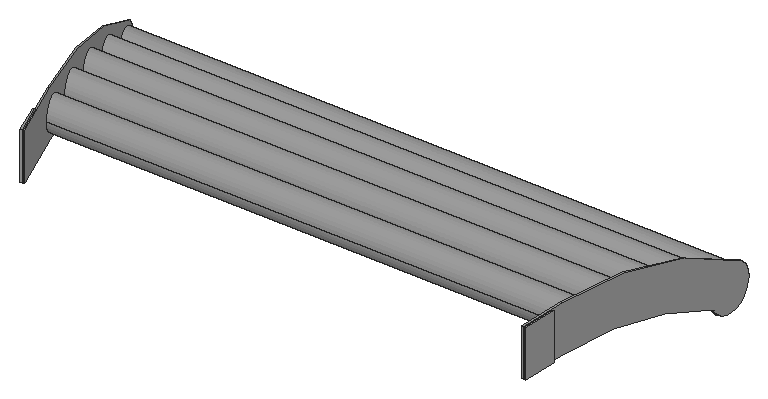
Revit family "SE-0005-RAD-3-0", category Curtain Panels, Revit 2015
Parameters (values of type "Right 112.5 - Left 90")
  Width [instance] = 5' - 4 1/2"
  Warning 2' = Label : Label
  URL = "obe.com"
  Sun-Control Material = Aluminum
  Model = "SE-001"
  Manufacturer = "Oldcastle BuildingEnvelope®"
  Keynote = "08 11 00"
  Description = "SE-001-SolarEclipse-Rectangle"
  Assembly Code = "B2020"
  Angle = SE-0005-RAD-3-0 : Right 112.5 - Left 90
  Analytic Construction = "<None>"
Types (25): name | Angle
  Right 90 - Left 112.5 | SE-0005-RAD-3-0 : Right 90 - Left 112.5
  Right 90 - Left 135 | SE-0005-RAD-3-0 : Right 90 - Left 135
  Right 112.5 - Left 90 | SE-0005-RAD-3-0 : Right 112.5 - Left 90
  Right 112.5 - Left 112.5 | SE-0005-RAD-3-0 : Right 112.5 - Left 112.5
  Right 112.5 - Left 135 | SE-0005-RAD-3-0 : Right 112.5 - Left 135
  Right 135 - Left 90 | SE-0005-RAD-3-0 : Right 135 - Left 90
  Right 135 - Left 112.5 | SE-0005-RAD-3-0 : Right 135 - Left 112.5
  Right 135 - Left 135 | SE-0005-RAD-3-0 : Right 135 - Left 135
  Right 45 - Left 45 | SE-0005-RAD-3-0 : Right 45 - Left 45
  Right 45 - Left 67.5 | SE-0005-RAD-3-0 : Right 45 - Left 67.5
  Right 45 - Left 90 | SE-0005-RAD-3-0 : Right 45 - Left 90
  Right 67.5 - Left 45 | SE-0005-RAD-3-0 : Right 67.5 - Left 45
  Right 67.5 - Left 67.5 | SE-0005-RAD-3-0 : Right 67.5 - Left 67.5
  Right 67.5 - Left 90 | SE-0005-RAD-3-0 : Right 67.5 - Left 90
  Right 90 - Left 45 | SE-0005-RAD-3-0 : Right 90 - Left 45
  Right 90 - Left 67.5 | SE-0005-RAD-3-0 : Right 90 - Left 67.5
  Right 45 - Left 112.5 | SE-0005-RAD-3-0 : Right 45 - Left 112.5
  Right 45 - Left 135 | SE-0005-RAD-3-0 : Right 45 - Left 135
  Right 67.5 - Left 112.5 | SE-0005-RAD-3-0 : Right 67.5 - Left 112.5
  Right 67.5 - Left 135 | SE-0005-RAD-3-0 : Right 67.5 - Left 135
  Right 112.5 - Left 45 | SE-0005-RAD-3-0 : Right 112.5 - Left 45
  Right 112.5 - Left 67.5 | SE-0005-RAD-3-0 : Right 112.5 - Left 67.5
  Right 135 - Left 45 | SE-0005-RAD-3-0 : Right 135 - Left 45
  Right 135 - Left 67.5 | SE-0005-RAD-3-0 : Right 135 - Left 67.5
  Right 90 - Left 90 | SE-0005-RAD-3-0 : Right 90 - Left 90
Reference planes (in)
  plane 1 "Front": y = 0
  plane 2: z = 0
  plane 3 "Center (Left/Right)": x = 0
  plane 4 "Left": x = -32.25
  plane 5 "Right": x = 32.25
  plane 6 "Top": z = 96
Text (in)
  text "Exterior" at (-62.24218, 42.22643, 0), in view "Ref. Level"
  text "Exterior" at (480, 41.53993, 89.60405), in view "Right"
  text "Exterior" at (-240, 57.82419, 105.78864), in view "Left"
Dimensions and locks (in)
  equal spacing: plane 4 "Left", plane 3 "Center (Left/Right)", plane 5 "Right"
  "Width": plane 4 "Left" to plane 5 "Right"
  aligned and locked: level to plane 2
  aligned and locked: plane 1 "Front" to nested 1
  aligned and locked: nested 1 to plane 3 "Center (Left/Right)"
  aligned and locked: nested 1 to plane 6 "Top"
Nested families (in)
  nested 1: "SE-0005-RAD-3-0" at (22, 0, 93), Width <- "Width", type <- "Angle", Sun-Control Material <- "Sun-Control Material", type "Right 112.5 - Left 90"
    with Width 5' - 4 1/2", Sun-Control Material Aluminum, Minimum Width 5' - 4 1/2"
Definition of nested family "SE-0005-RAD-3-0"
  Parameters (values of type "Right 67.5 - Left 67.5")
    Left Short Depth = Left Depth - 0' 3"  # 3' - 0 5/256"
    Left Angle = 67.50°
    Minimum Width [instance] = if(and(Left Angle = 45.00°, Right Angle = 90.00°, Width < 3' 2"), 3' 2", if(and(Left Angle = 90.00°, Right Angle = 45.00°, Width < 3' 2"), 3' 2", if(and(Left Angle = 45.00°, Right Angle = 112.50°, Width < 1' 11"), 1' 11", if(and(Left Angle = 112.50°, Right Angle = 45.00°, Width < 1' 11"), 1' 11", if(and(Left Angle = 45.00°, Right Angle = 45.00°, Width < 6' 2"), 6' 2", if(and(Left Angle = 90.00°, Right Angle = 67.50°, Width < 1' 5"), 1' 5", if(and(Left Angle = 67.50°, Right Angle = 90.00°, Width < 1' 5"), 1' 5", if(and(Left Angle = 67.50°, Right Angle = 67.50°, Width < 2' 8"), 2' 8", if(and(Left Angle = 45.00°, Right Angle = 67.50°, Width < 4' 5"), 4' 5", if(and(Left Angle = 67.50°, Right Angle = 45.00°, Width < 4' 5"), 4' 5", Width))))))))))  # 5' - 0"
    Width [instance] = 5' - 0"
    Sun-Control Material [instance] = none
    Right Short Depth = Right Depth - 0' 3"  # 3' - 0 5/256"
    Right Depth = 3' - 3 5/256"
    Left Depth = 3' - 3 5/256"
    Right Angle = 67.50°
    Default Elevation = 4' - 0"
  Types (26): name | Left Short Depth | Left Angle | Minimum Width | Width | Right Short Depth | Right Depth | Left Depth | Right Angle
    (no name) | 3' - 0 5/256" | 67.50° | 5' - 0" | 5' - 0" | 3' - 0 5/256" | 3' - 3 5/256" | 3' - 3 5/256" | 67.50°
    Right 45 - Left 45 | 4' - 0 9/256" | 45.00° | 8' - 0" | 8' - 0" | 4' - 0 9/256" | 4' - 3 9/256" | 4' - 3 9/256" | 45.00°
    Right 45 - Left 67.5 | 3' - 0 5/256" | 67.50° | 8' - 0" | 8' - 0" | 4' - 0 9/256" | 4' - 3 9/256" | 3' - 3 5/256" | 45.00°
    Right 45 - Left 90 | 2' - 9" | 90.00° | 8' - 0" | 8' - 0" | 4' - 0 9/256" | 4' - 3 9/256" | 3' - 0" | 45.00°
    Right 45 - Left 112.5 | 2' - 11 13/16" | 112.50° | 8' - 0" | 8' - 0" | 4' - 0 9/256" | 4' - 3 9/256" | 3' - 2 13/16" | 45.00°
    Right 45 - Left 135 | 3' - 11 137/256" | 135.00° | 8' - 0" | 8' - 0" | 4' - 0 9/256" | 4' - 3 9/256" | 4' - 2 137/256" | 45.00°
    Right 67.5 - Left 45 | 4' - 0 9/256" | 45.00° | 8' - 0" | 8' - 0" | 3' - 0 5/256" | 3' - 3 5/256" | 4' - 3 9/256" | 67.50°
    Right 67.5 - Left 67.5 | 3' - 0 5/256" | 67.50° | 5' - 0" | 5' - 0" | 3' - 0 5/256" | 3' - 3 5/256" | 3' - 3 5/256" | 67.50°
    Right 67.5 - Left 90 | 2' - 9" | 90.00° | 8' - 0" | 8' - 0" | 3' - 0 5/256" | 3' - 3 5/256" | 3' - 0" | 67.50°
    Right 67.5 - Left 112.5 | 2' - 11 13/16" | 112.50° | 8' - 0" | 8' - 0" | 3' - 0 5/256" | 3' - 3 5/256" | 3' - 2 13/16" | 67.50°
    Right 67.5 - Left 135 | 3' - 11 137/256" | 135.00° | 8' - 0" | 8' - 0" | 3' - 0 5/256" | 3' - 3 5/256" | 4' - 2 137/256" | 67.50°
    Right 90 - Left 45 | 4' - 0 9/256" | 45.00° | 8' - 0" | 8' - 0" | 2' - 9" | 3' - 0" | 4' - 3 9/256" | 90.00°
    Right 90 - Left 67.5 | 3' - 0 5/256" | 67.50° | 8' - 0" | 8' - 0" | 2' - 9" | 3' - 0" | 3' - 3 5/256" | 90.00°
    Right 90 - Left 90 | 2' - 9" | 90.00° | 8' - 0" | 8' - 0" | 2' - 9" | 3' - 0" | 3' - 0" | 90.00°
    Right 90 - Left 112.5 | 2' - 11 13/16" | 112.50° | 8' - 0" | 8' - 0" | 2' - 9" | 3' - 0" | 3' - 2 13/16" | 90.00°
    Right 90 - Left 135 | 3' - 11 137/256" | 135.00° | 8' - 0" | 8' - 0" | 2' - 9" | 3' - 0" | 4' - 2 137/256" | 90.00°
    Right 112.5 - Left 45 | 4' - 0 9/256" | 45.00° | 1' - 11" | 1' - 0" | 2' - 11 13/16" | 3' - 2 13/16" | 4' - 3 9/256" | 112.50°
    Right 112.5 - Left 67.5 | 3' - 0 5/256" | 67.50° | 8' - 0" | 8' - 0" | 2' - 11 13/16" | 3' - 2 13/16" | 3' - 3 5/256" | 112.50°
    Right 112.5 - Left 90 | 2' - 9" | 90.00° | 1' - 0" | 1' - 0" | 2' - 11 13/16" | 3' - 2 13/16" | 3' - 0" | 112.50°
    Right 112.5 - Left 112.5 | 2' - 11 13/16" | 112.50° | 8' - 0" | 8' - 0" | 2' - 11 13/16" | 3' - 2 13/16" | 3' - 2 13/16" | 112.50°
    Right 112.5 - Left 135 | 3' - 11 137/256" | 135.00° | 8' - 0" | 8' - 0" | 2' - 11 13/16" | 3' - 2 13/16" | 4' - 2 137/256" | 112.50°
    Right 135 - Left 45 | 4' - 0 9/256" | 45.00° | 8' - 0" | 8' - 0" | 3' - 11 137/256" | 4' - 2 137/256" | 4' - 3 9/256" | 135.00°
    Right 135 - Left 67.5 | 3' - 0 5/256" | 67.50° | 8' - 0" | 8' - 0" | 3' - 11 137/256" | 4' - 2 137/256" | 3' - 3 5/256" | 135.00°
    Right 135 - Left 90 | 2' - 9" | 90.00° | 8' - 0" | 8' - 0" | 3' - 11 137/256" | 4' - 2 137/256" | 3' - 0" | 135.00°
    Right 135 - Left 112.5 | 2' - 11 13/16" | 112.50° | 8' - 0" | 8' - 0" | 3' - 11 137/256" | 4' - 2 137/256" | 3' - 2 13/16" | 135.00°
    Right 135 - Left 135 | 3' - 11 137/256" | 135.00° | 8' - 0" | 8' - 0" | 3' - 11 137/256" | 4' - 2 137/256" | 4' - 2 137/256" | 135.00°
  Reference planes (in)
    plane 1 "Center (Front/Back)": y = 0
    plane 2: z = 0
    plane 3: y = 33
    plane 4: y = 36
    plane 5: y = 20.99961
    plane 6: y = 8.99961
    plane 7: z = 2.5
    plane 8: z = -2.5
    plane 9: x = 8
    plane 10: x = -52
    plane 11: y = 14.99961
    plane 12: y = 27.01421
    plane 13: z = 3
    plane 14: x = -22
    plane 15: z = -7.00897
    plane 16: z = -3.8847
    plane 17: z = -1.92401
    plane 18: z = -0.65644
    plane 19: z = -0.04383
  Forms (in)
    Sweep 1, solid, material <- "Sun-Control Material"
      path origin (-24.94968, 19.033, -1.92401) x (-1, 0, 0) y (0, -1, 0)
        loop
          line (20.352, -1.9666) -> (-26.25136, -1.9666)
      profile origin (-22, 20.99961, -1.92401) x (0, 1, 0) y (0, 0, 1)
        loop
          circle (0, 0) r 2
    Sweep 2, solid, material <- "Sun-Control Material"
      path origin (-24.94968, 6.99961, -0.04383) x (-1, 0, 0) y (0, -1, 0)
        loop
          line (25.32256, -2) -> (-31.22192, -2)
      profile origin (-22, 8.99961, -0.04383) x (0, 1, 0) y (0, 0, 1)
        loop
          circle (0, 0) r 2
    Extrusion 3, void
      sketch origin (-52, 0, 0) x (-0.382683, -0.92388, 0) y (0, 0, 1)
        loop
          line (0.24272, 3.30555) -> (-79.2222, 3.30555) -> (-79.2222, -10.51113) -> (0.24272, -10.51113) -> (0.24272, 3.30555)
      from -0.375 to 40.64702
    Extrusion 4, void
      sketch origin (-11.7082, 47.5798, 0) x (-0.382683, 0.92388, 0) y (0, 0, 1)
        loop
          line (-53.5, 3.30555) -> (-53.5, -10.51113) -> (38.01531, -10.51113) -> (38.01531, 3.30555) -> (-53.5, 3.30555)
      from -0.375 to 37.309
    Sweep 5, solid, material <- "Sun-Control Material"
      path origin (-24.94968, 13.02699, -0.65644) x (-1, 0, 0) y (0, -1, 0)
        loop
          line (22.83728, -1.97261) -> (-28.73664, -1.97261)
      profile origin (-22, 14.99961, -0.65644) x (0, 1, 0) y (0, 0, 1)
        loop
          circle (0, 0) r 2
    Sweep 6, solid, material <- "Sun-Control Material"
      path origin (-24.94968, 25.01421, -3.8847) x (-1, 0, 0) y (0, -1, 0)
        loop
          line (17.86067, -2) -> (-23.76003, -2)
      profile origin (-22, 27.01421, -3.8847) x (0, 1, 0) y (0, 0, 1)
        loop
          circle (0, 0) r 2
    Sweep 7, solid, material <- "Sun-Control Material"
      path origin (-24.94968, 30.5, -7.00897) x (-1, 0, 0) y (0, -1, 0)
        loop
          line (15.38127, -2.5) -> (-21.28063, -2.5)
      profile origin (-22, 33, -7.00897) x (0, 1, 0) y (0, 0, 1)
        loop
          circle (0, 0) r 2.5
  Cuts and joins
    Extrusion 3, Extrusion 4 cuts Sweep 2
    Extrusion 3, Extrusion 4 cuts Sweep 1
    Extrusion 3, Extrusion 4 cuts Sweep 5
    Extrusion 3, Extrusion 4 cuts Sweep 6
    Extrusion 3, Extrusion 4 cuts Sweep 7
  Lines and regions (in)
    model lines, not visible
      curve 1: line (-18.34586, 33, -38.4375) -> (-18.34586, 33, -38.5)
    reference lines
      curve 2: line (-52, 0, 0) -> (-32.2918, 47.5798, 0)
      curve 3: line (-39.45803, 35.10742, 0) -> (-54, 0, 0)
      curve 4: line (-11.7082, 47.5798, 0) -> (8, 0, 0)
      curve 5: line (-10.66491, 49.88949, 0) -> (10, 0, 0)
      curve 6: line (-3.18965, 27.01421, 0) -> (-3.18965, 28.51421, 0)
      curve 7: line (-0.69832, 20.99961, 0) -> (-0.69832, 23.49961, 0)
      curve 8: line (1.78696, 14.99961, 0) -> (1.78696, 17.99961, 0)
      curve 9: line (4.27224, 8.99961, 0) -> (4.27224, 11.49961, 0)
      curve 10: line (-48.27224, 8.99961, 0) -> (-48.27224, 11.49961, 0)
      curve 11: line (-45.78696, 14.99961, 0) -> (-45.78696, 17.49961, 0)
      curve 12: line (-43.30168, 20.99961, 0) -> (-43.30168, 23.61322, 0)
      curve 13: line (-40.81035, 27.01421, 0) -> (-40.81035, 31.5, 0)
      curve 14: line (-5.66905, 33, 0) -> (-5.66905, 35.5, 0)
      curve 15: line (-38.33095, 33, 0) -> (-38.33095, 35.5, 0)
  Dimensions and locks (in)
    equal spacing: plane 7, plane 2, plane 8
    plane 4 to plane 1 "Center (Front/Back)" = 3' - 0"
    "Minimum Width": plane 10 to plane 9
    locked: nested 1 to plane 1 "Center (Front/Back)" at 0
    locked: nested 1 to plane 10 at 0
    locked: curve 2 to plane 10
    locked: plane 1 "Center (Front/Back)" to curve 2 at 0
    locked: curve 3 to plane 10 at 2
    locked: plane 1 "Center (Front/Back)" to curve 3 at 0
    locked: nested 2 to plane 1 "Center (Front/Back)" at 0
    locked: nested 2 to plane 9 at 0
    locked: plane 1 "Center (Front/Back)" to curve 4 at 0
    locked: plane 1 "Center (Front/Back)" to curve 5
    locked: plane 9 to curve 5 at 2
    locked: curve 4 to plane 9
    plane 3 to plane 12 = 0' - 5.98579"  (x2)
    plane 5 to plane 11 = 0' - 6"  (x2)
    plane 11 to plane 6 = 0' - 6"  (x2)
    plane 12 to plane 5 = 0' - 6.0146"  (x2)
    equal spacing: plane 10, plane 14, plane 9
    "Right Angle": angle plane 1 "Center (Front/Back)" to nested 1
    "Right Angle": angle plane 1 "Center (Front/Back)" to curve 2
    "Right Angle": angle plane 1 "Center (Front/Back)" to curve 3
    "Left Angle": angle curve 5 to plane 1 "Center (Front/Back)"
    "Left Angle": angle nested 2 to plane 1 "Center (Front/Back)"
    "Left Angle": angle curve 4 to plane 1 "Center (Front/Back)"
    aligned and locked: level to plane 2
    aligned and locked: Sweep 1 sketch curve to plane 5
    aligned and locked: Sweep 2 sketch curve to plane 6
    aligned and locked: curve 3 to Sweep 2 sketch curve
    aligned and locked: curve 3 to Sweep 1 sketch curve
    aligned and locked: curve 5 to Sweep 1 sketch curve
    aligned and locked: curve 5 to Sweep 5 sketch curve
    aligned and locked: curve 3 to Sweep 5 sketch curve
    aligned and locked: curve 5 to Sweep 2 sketch curve
    aligned and locked: Sweep 6 sketch curve to plane 12
    aligned and locked: curve 3 to Sweep 6 sketch curve
    aligned and locked: curve 5 to Sweep 6 sketch curve
    aligned and locked: curve 5 to Sweep 7 sketch curve
    aligned and locked: curve 3 to Sweep 7 sketch curve
    aligned and locked: nested 3 to curve 14
    aligned and locked: nested 3 to curve 15
    aligned and locked: nested 4 to curve 13
    aligned and locked: nested 4 to curve 6
    aligned and locked: nested 5 to curve 12
    aligned and locked: nested 5 to curve 7
    aligned and locked: nested 6 to curve 11
    aligned and locked: nested 6 to curve 8
    aligned and locked: nested 7 to curve 10
    aligned and locked: nested 7 to curve 9
    aligned and locked: nested 3 to plane 15
    aligned and locked: nested 3 to plane 3
    aligned and locked: nested 4 to plane 16
    aligned and locked: nested 4 to plane 12
    aligned and locked: nested 5 to plane 17
    aligned and locked: nested 5 to plane 5
    aligned and locked: nested 6 to plane 18
    aligned and locked: nested 6 to plane 11
    aligned and locked: nested 7 to plane 6
    aligned and locked: nested 7 to plane 19
    aligned and locked: Sweep 7 sketch curve to plane 3
    aligned and locked: Sweep 5 sketch curve to plane 11
  Automatic sketch dimensions
    curve 1 to plane 3 = 0' - 0"
    curve 1 to plane 8 = 3' - 0"
    curve 1 to curve 1 = 0' - 0 1/16"
    curve 2 to Extrusion 3 sketch curve = 0' - 3.30555"
    Extrusion 3 sketch curve to curve 2 = 2' - 3.7222"
    curve 2 to Extrusion 3 sketch curve = 0' - 0.24272"
    Extrusion 3 sketch curve to curve 2 = 0' - 10.51113"
    Extrusion 4 sketch curve to curve 4 = 0' - 2"
    Extrusion 4 sketch curve to curve 4 = 0' - 10.51113"
    curve 4 to Extrusion 4 sketch curve = 3' - 2.01531"
    curve 4 to Extrusion 4 sketch curve = 0' - 3.30555"
    Sweep 7 sketch curve to profile plane = 0' - 0"  (x2)
    Sweep 6 sketch curve to profile plane = 0' - 0"  (x2)
    Sweep 1 sketch curve to profile plane = 0' - 0"  (x2)
    Sweep 5 sketch curve to profile plane = 0' - 0"  (x2)
    Sweep 2 sketch curve to profile plane = 0' - 0"  (x2)
    curve 10 to plane 6 = 0' - 0"
    curve 11 to plane 11 = 0' - 0"
    curve 12 to plane 5 = 0' - 0"
    curve 13 to plane 12 = 0' - 0"
    curve 15 to plane 3 = 0' - 0"
    curve 14 to plane 3 = 0' - 0"
    curve 6 to plane 12 = 0' - 0"
    curve 7 to plane 5 = 0' - 0"
    curve 8 to plane 11 = 0' - 0"
    curve 9 to plane 6 = 0' - 0"
    plane 6 to curve 10 = 0' - 2 1/2"
    plane 6 to curve 9 = 0' - 2 1/2"
    plane 11 to curve 11 = 0' - 2 1/2"
    curve 8 to curve 8 = 0' - 3"
    plane 5 to curve 7 = 0' - 2 1/2"
    plane 5 to curve 12 = 0' - 2.61361"
    plane 12 to curve 6 = 0' - 1 1/2"
    curve 13 to plane 3 = 0' - 1 1/2"
    curve 14 to plane 4 = 0' - 0 1/2"
    curve 15 to plane 4 = 0' - 0 1/2"
    radius of Sweep 7 sketch curve = 0' - 2 1/2"
    radius of Sweep 6 sketch curve = 0' - 2"
    radius of Sweep 1 sketch curve = 0' - 2"
    radius of Sweep 5 sketch curve = 0' - 2"
    radius of Sweep 2 sketch curve = 0' - 2"
  Nested families (in)
    nested 1: "Plate_Right_3-0" at (-52, 0, 0) x (0.9239, -0.3827, 0) z (0, 0, 1), Length <- "Right Short Depth", type "Plate_Right_3-0"
      with Length 3' - 0 5/256"
    nested 2: "Plate_Left_3-0" at (8, 0, 0) x (-0.9239, -0.3827, 0) z (0, 0, 1), Length <- "Left Short Depth", type "Plate_Left_3-0"
      with Length 3' - 0 5/256"
    nested 3: "SS-105-3D" at (-38.33095, 33, -7.00897), type "SS-105-3D", detail levels fine
      with Lenght 2' - 8.6619"
    nested 4: "SS-104-3D" at (-40.81035, 27.01421, -3.8847), type "SS-104-3D", detail levels fine
      with Lenght 3' - 1.6207"
    nested 5: "SS-104-3D" at (-43.30168, 20.99961, -1.92401), type "SS-104-3D", detail levels fine
      with Lenght 3' - 6.60336"
    nested 6: "SS-104-3D" at (-45.78696, 14.99961, -0.65644), type "SS-104-3D", detail levels fine
      with Lenght 3' - 11.57392"
    nested 7: "SS-104-3D" at (-48.27224, 8.99961, -0.04383), type "SS-104-3D", detail levels fine
      with Lenght 4' - 4.54448"
  Definition of nested family "Plate_Right_3-0"
    Parameters (values of type "Plate_Right_3-0")
      Sun-Control Material = none
      Length [instance] = 2' - 9"
    Reference planes (in)
      plane 1 "Center (Front/Back)": y = 0
      plane 2: z = 0
      plane 3 "Center (Left/Right)": x = 0
    Forms (in)
      Sweep 1, solid, material <- "Sun-Control Material"
        path origin (24.49846, 19.13417, 0) x (-1, 0, 0) y (0, 1, 0)
          loop
            line (24.37346, -19.13417) -> (24.62346, -19.13417)
        profile origin (0, 0, 0) x (0, -1, 0) y (0, 0, 1)
          loop
            line (0, 3) -> (-4.5, 3) -> (-4.5, -3) -> (0, -3) -> (0, 0) -> (0, 3)
      Sweep 2, solid, material <- "Sun-Control Material"
        path origin (13.88949, 16.0727, 0) x (0.92388, -0.382683, 0) y (0.382683, 0.92388, 0)
          loop
            line (-6.33501, -20.02102) -> (-6.56598, -20.11669)
        profile origin (0.25, 0, 0) x (0, -1, 0) y (0, 0, 1)
          loop
            arc (-34.95529, -4.7337) -> (-34.82524, -9.38983) -> (-30.29506, -8.30638) r 3
            arc (-30.29506, -8.30638) -> (-18.5566, -4.34235) -> (-6.23983, -3) r 57.17753
            line (-6.23983, -3) -> (0, -3) -> (0, 3) -> (-6.23983, 3)
            arc (-6.23983, 3) -> (-21.10916, 1.03273) -> (-34.95529, -4.7337) r 57.17753
    Lines and regions (in)
      model lines, not visible
        curve 1: line (0, 0, 0) -> (0, 1.75, 0)
    Dimensions and locks (in)
      locked: Sweep 2 to Sweep 2 at 0.25
      equal spacing: Sweep 2 sketch curve, plane 2, Sweep 2 sketch curve
      locked: Sweep 2 sketch curve to Sweep 2 sketch curve at 6
      locked: plane 2 to Sweep 2 sketch curve at 7.00897
      locked: plane 2 to Sweep 2 sketch curve at 54.17753
      locked: plane 2 to Sweep 2 sketch curve at 60.17753
      locked: Sweep 2 sketch curve to Sweep 2 sketch curve
      locked: Sweep 2 sketch curve to Sweep 2 sketch curve at 26.76017
      "Length": Sweep 2 sketch curve to plane 1 "Center (Front/Back)"
      aligned and locked: plane 2 to level
      aligned and locked: Sweep 2 to Sweep 1
      aligned and locked: plane 1 "Center (Front/Back)" to Sweep 2 sketch curve
    Automatic sketch dimensions
      curve 1 to plane 3 "Center (Left/Right)" = 0' - 0"
      plane 1 "Center (Front/Back)" to curve 1 = 0' - 0"
      curve 1 to curve 1 = 0' - 1 3/4"
      plane 1 "Center (Front/Back)" to Sweep 1 sketch curve = 0' - 0"
      Sweep 1 sketch curve to plane 3 "Center (Left/Right)" = 0' - 0 1/8"
      plane 3 "Center (Left/Right)" to Sweep 1 sketch curve = 0' - 0 1/8"
      Sweep 1 sketch curve to profile plane = 0' - 0"  (x2)
      profile plane to Sweep 1 sketch curve = 0' - 4 1/2"
      Sweep 1 sketch curve to profile plane = 0' - 3"
      profile plane to Sweep 1 sketch curve = 0' - 3"
      plane 1 "Center (Front/Back)" to Sweep 2 sketch curve = 0' - 0"  (x2)
      plane 3 "Center (Left/Right)" to Sweep 2 sketch curve = 0' - 0 1/8"
      Sweep 2 sketch curve to Sweep 2 sketch curve = 0' - 0.23097"
      Sweep 2 sketch curve to Sweep 2 sketch curve = 0' - 1.95529"
  Definition of nested family "Plate_Left_3-0"
    Parameters (values of type "Plate_Left_3-0")
      Sun-Control Material = none
      Length [instance] = 2' - 9"
    Reference planes (in)
      plane 1 "Center (Front/Back)": y = 0
      plane 2: z = 0
      plane 3 "Center (Left/Right)": x = 0
    Forms (in)
      Sweep 1, solid, material <- "Sun-Control Material"
        path origin (24.49846, 19.13417, 0) x (-1, 0, 0) y (0, 1, 0)
          loop
            line (24.37346, -19.13417) -> (24.62346, -19.13417)
        profile origin (0, 0, 0) x (0, -1, 0) y (0, 0, 1)
          loop
            line (0, 3) -> (-4.5, 3) -> (-4.5, -3) -> (0, -3) -> (0, 0) -> (0, 3)
      Sweep 2, solid, material <- "Sun-Control Material"
        path origin (13.88949, 16.0727, 0) x (0.92388, -0.382683, 0) y (0.382683, 0.92388, 0)
          loop
            line (-6.33501, -20.02102) -> (-6.56598, -20.11669)
        profile origin (0.25, 0, 0) x (0, -1, 0) y (0, 0, 1)
          loop
            arc (-34.95529, -4.7337) -> (-34.82524, -9.38983) -> (-30.29506, -8.30638) r 3
            arc (-30.29506, -8.30638) -> (-18.5566, -4.34235) -> (-6.23983, -3) r 57.17753
            line (-6.23983, -3) -> (0, -3) -> (0, 3) -> (-6.23983, 3)
            arc (-6.23983, 3) -> (-21.10916, 1.03273) -> (-34.95529, -4.7337) r 57.17753
    Lines and regions (in)
      model lines, not visible
        curve 1: line (0, 0, 0) -> (0, 3, 0)
    Dimensions and locks (in)
      locked: Sweep 2 to Sweep 2 at 0.25
      equal spacing: Sweep 2 sketch curve, plane 2, Sweep 2 sketch curve
      locked: Sweep 2 sketch curve to Sweep 2 sketch curve at 6
      locked: Sweep 2 sketch curve to Sweep 2 sketch curve
      locked: Sweep 2 sketch curve to Sweep 2 sketch curve at 26.76017
      locked: plane 2 to Sweep 2 sketch curve at 7.00897
      locked: plane 2 to Sweep 2 sketch curve at 54.17753
      locked: plane 2 to Sweep 2 sketch curve at 60.17753
      "Length": Sweep 2 sketch curve to plane 1 "Center (Front/Back)"
      aligned and locked: plane 2 to level
      aligned and locked: Sweep 2 to Sweep 1
      aligned and locked: plane 1 "Center (Front/Back)" to Sweep 2 sketch curve
    Automatic sketch dimensions
      curve 1 to plane 3 "Center (Left/Right)" = 0' - 0"
      plane 1 "Center (Front/Back)" to curve 1 = 0' - 0"
      curve 1 to curve 1 = 0' - 3"
      plane 1 "Center (Front/Back)" to Sweep 1 sketch curve = 0' - 0"
      Sweep 1 sketch curve to plane 3 "Center (Left/Right)" = 0' - 0 1/8"
      plane 3 "Center (Left/Right)" to Sweep 1 sketch curve = 0' - 0 1/8"
      Sweep 1 sketch curve to profile plane = 0' - 0"  (x2)
      profile plane to Sweep 1 sketch curve = 0' - 4 1/2"
      Sweep 1 sketch curve to profile plane = 0' - 3"
      profile plane to Sweep 1 sketch curve = 0' - 3"
      plane 1 "Center (Front/Back)" to Sweep 2 sketch curve = 0' - 0"  (x2)
      plane 3 "Center (Left/Right)" to Sweep 2 sketch curve = 0' - 0 1/8"
      Sweep 2 sketch curve to Sweep 2 sketch curve = 0' - 0.23097"
      Sweep 2 sketch curve to profile plane = 0' - 3"
      Sweep 2 sketch curve to Sweep 2 sketch curve = 0' - 1.95529"
  Definition of nested family "SS-105-3D"
    Parameters (values of type "SS-105-3D")
      Lenght [instance] = 2' - 0"
    Reference planes (in)
      plane 1 "Center (Front/Back)": y = 0
      plane 2: z = 0
      plane 3 "Center (Left/Right)": x = 0
      plane 4: x = 24
    Lines and regions (in)
      model lines, not visible
        curve 1: line (0, 0, 0) -> (24, 0, 0)
    Dimensions and locks (in)
      "Lenght": plane 3 "Center (Left/Right)" to plane 4
      aligned and locked: plane 2 to level
      aligned and locked: plane 4 to curve 1
      aligned and locked: plane 1 "Center (Front/Back)" to curve 1
      aligned and locked: plane 3 "Center (Left/Right)" to curve 1
      aligned and locked: plane 1 "Center (Front/Back)" to nested 1
      aligned and locked: plane 2 to nested 1
    Nested families (in)
      nested 1: "SS-105-2D" at (0, 0, 0) x (0, -1, 0) z (1, 0, 0), type "SS-105-2D", detail levels fine
    Definition of nested family "SS-105-2D"
      Reference planes (in)
        plane 1 "Center (Front/Back)": y = 0
        plane 2: z = 0
        plane 3 "Center (Left/Right)": x = 0
  Definition of nested family "SS-104-3D"
    Parameters (values of type "SS-104-3D")
      Lenght [instance] = 2' - 0"
    Reference planes (in)
      plane 1 "Center (Front/Back)": y = 0
      plane 2: z = 0
      plane 3 "Center (Left/Right)": x = 0
      plane 4: x = 24
    Lines and regions (in)
      model lines, not visible
        curve 1: line (0, 0, 0) -> (24, 0, 0)
    Dimensions and locks (in)
      "Lenght": plane 3 "Center (Left/Right)" to plane 4
      aligned and locked: plane 2 to level
      aligned and locked: plane 4 to curve 1
      aligned and locked: plane 1 "Center (Front/Back)" to curve 1
      aligned and locked: plane 3 "Center (Left/Right)" to curve 1
      aligned and locked: plane 2 to nested 1
      aligned and locked: plane 1 "Center (Front/Back)" to nested 1
    Nested families (in)
      nested 1: "SS-104-2D" at (0, 0, 0) x (0, -1, 0) z (1, 0, 0), type "SS-104-2D", detail levels fine
    Definition of nested family "SS-104-2D"
      Reference planes (in)
        plane 1 "Center (Front/Back)": y = 0
        plane 2: z = 0
        plane 3 "Center (Left/Right)": x = 0
